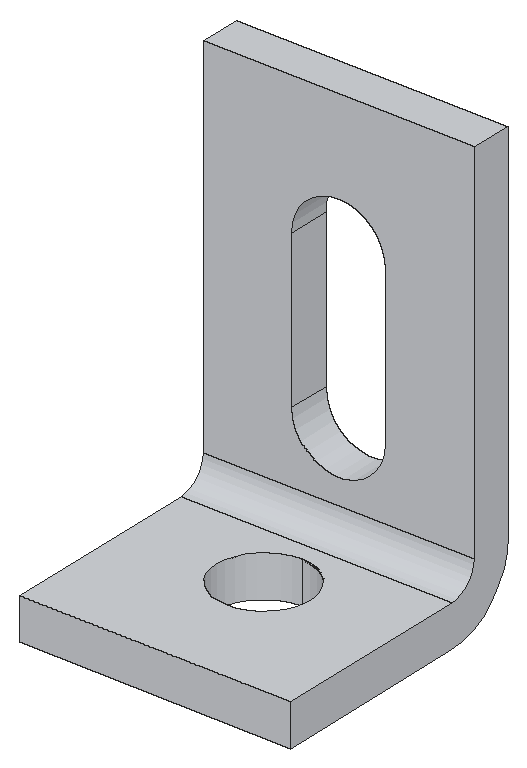
Revit family "Fitting-Ninety_Degree_Angle-Unistrut-P1750", category Specialty Equipment, Revit 2012
Parameters (values of type "P1750")
  ecoScorecard_data = "http://products.ecoscorecard.com/atkore/P1750"
  ecoScorecard Product Page = "http://products.ecoscorecard.com/atkore/P1750?action=html"
  Weight Per Piece = 0.38 lbf
  Unit = none
  Unistrut Part Number = "P1750"  # constant formula
  URL = "http://unistrut.us/index.php"
  Thickness = 1/4"  # constant formula
  Subcategory = "Nintey Degree Angle Fittings"  # constant formula
  Product Page URL = "http://unistrut.us/index.php?WP=cat_detail&S=S05&P=P1750"
  Power Strut Part Number = "PS 2545"  # constant formula
  Part Type = "Fitting"  # constant formula
  Overall Width = 1 5/8"  # constant formula
  Overall Length = 2 5/8"  # constant formula
  Overall Height = 1 5/8"  # constant formula
  Model = "P1750"  # constant formula
  Material = ""
  Manufacturer Phone - Toll Free = "800-882-5543"  # constant formula
  Manufacturer Phone = "708-339-1610"  # constant formula
  Manufacturer Fax = "708-339-7814"  # constant formula
  Manufacturer Email = "mailto:jshaw@atkore.com"
  Manufacturer Address = "16100 South Lathrop Avenue, Harvey, IL 60426"  # constant formula
  Manufacturer = "Unistrut by Atkore International"  # constant formula
  Load Capacity Note = "Visit the product page for load application and capacity."  # constant formula
  Literature URL = "http://unistrut.us/index.php?WP=LItLibrary"
  Hole Diameter = 9/16"  # constant formula
  Default Elevation = 0"
  Cost Info = "mailto:jshaw@atkore.com"
  CAD URL = "http://unistrut.us/index.php?WP=CAD3d"
  Assembly Code = "D5020100"
  95 CSI = "16070"  # constant formula
  04 CSI = "26 05 48"  # constant formula
Reference planes (in)
  plane 1 "Center (Front/Back)": y = 0
  plane 2: z = 0
  plane 3 "Center (Left/Right)": x = 0
  plane 4: y = 0.8125
  plane 5: y = -0.8125
  plane 6: z = 1.3125
  plane 7: z = 2.0625
  plane 8: z = 0.5625
Dimensions and locks (in)
  "Overall Height": plane 4 to plane 5
  "Overall Width": nested 1 to nested 1
  "Overall Length": nested 1 to plane 2
  aligned and locked: level to plane 2
  aligned and locked: plane 1 "Center (Front/Back)" to nested 1
  aligned and locked: nested 1 to plane 3 "Center (Left/Right)"
Nested families (in)
  nested 1: "1750" at (0, 0, 0), type "1750"
Definition of nested family "1750"
  Parameters (values of type "1750")
    Unit = none
    URL = ""
    Manufacturer = ""
    Assembly Code = ""
  Reference planes (in)
    plane 1 "Center (Front/Back)": y = 0
    plane 2: z = 0
    plane 3 "Center (Left/Right)": x = 0
    plane 4: y = 0.8125
    plane 5: y = -0.8125
    plane 6: x = -1.3125
    plane 7: x = 1.3125
  Forms (in)
    Extrusion 1, solid, material <- "Unit"
      sketch origin (-0.8125, 0, 1.3125) x (0, 0, 1) y (0, -1, 0)
        loop
          arc (-0.89835, -0.5625) -> (-1.01442, -0.51442) -> (-1.0625, -0.39835) r 0.16415
          line (-1.0625, -0.39835) -> (-1.0625, 0.8125) -> (-1.3125, 0.8125) -> (-1.3125, -0.38815)
          arc (-1.3125, -0.38815) -> (-1.18821, -0.68821) -> (-0.88815, -0.8125) r 0.42435
          line (-0.88815, -0.8125) -> (1.3125, -0.8125) -> (1.3125, -0.5625) -> (-0.89835, -0.5625)
      from 0 to 1.625
    Extrusion 2, void
      sketch origin (-0.8125, 0, 1.3125) x (0, 1, 0) y (-1, 0, 0)
        loop
          circle (0, -0.8125) r 0.28125
      from -3.17918 to 1.83682
    Extrusion 3, void
      sketch origin (-0.8125, 0, 1.3125) x (0, 0, 1) y (-1, 0, 0)
        loop
          arc (0.46875, -1.09375) -> (0.75, -0.8125) -> (0.46875, -0.53125) r 0.28125
          line (0.46875, -0.53125) -> (-0.46875, -0.53125)
          arc (-0.46875, -0.53125) -> (-0.75, -0.8125) -> (-0.46875, -1.09375) r 0.28125
          line (-0.46875, -1.09375) -> (0.46875, -1.09375)
      from -2.62514 to 0.28253
  Cuts and joins
    Extrusion 2, Extrusion 3 cuts Extrusion 1
  Dimensions and locks (in)
    plane 1 "Center (Front/Back)" to plane 4 = 13/16"
    plane 6 to plane 3 "Center (Left/Right)" = 1 5/16"
    aligned and locked: level to plane 2
